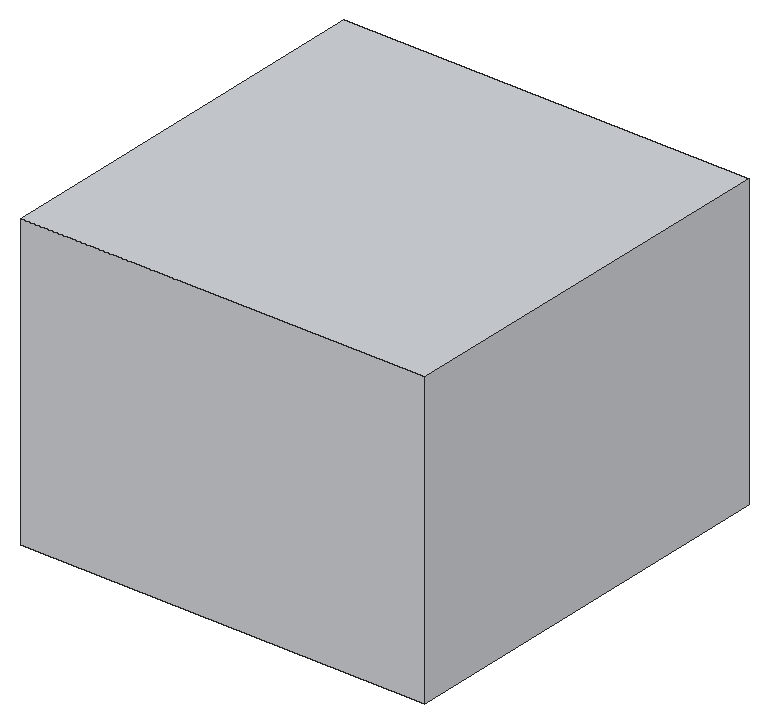
Revit family "85277b81dca94fd19039aff2f2f7aab4", category Nurse Call Devices, host Face, Revit 2021
Family settings
  Host = Face
  Maintain Annotation Orientation = Yes
  Round Connector Dimension = Use Diameter
  Part Type = Normal
  OmniClass Number = 23.85.30.24.14
  OmniClass Title = Nurse Call Systems
  Seek Item ID = Nurse Call Zone Light-0000-USA-ENU
  Cut with Voids When Loaded = No
  Shared = No
  Room Calculation Point = No
Parameters (values of type "Standard")
  Label = "Z"
  Default Elevation = 4' - 0"
  Width = 0' - 4 9/16"
  Material = none
  Length = 0' - 4 9/16"
  Height = 0' - 3 77/256"
Reference planes (in)
  plane 1 "Center (Front/Back)": y = 0
  plane 2: z = 0
  plane 3 "Center (Left/Right)": x = 0
  plane 4: y = -4.5625
  plane 5: x = -2.28125
  plane 6: x = 2.28125
  plane 7: z = 3.30078
Forms (in)
  Extrusion 1, solid, material <- "Material"
    sketch origin (0, 0, 0) x (1, 0, 0) y (0, 1, 0)
      loop
        line (-2.28125, 0) -> (-2.28125, -4.5625) -> (2.28125, -4.5625) -> (2.28125, 0) -> (-2.28125, 0)
    from 0 to 3.30078
Lines and regions (in)
  symbolic lines, detail levels fine
    curve 1: line (2.28125, 0, 3.30078) -> (-2.28125, 0, 3.30078)
    curve 2: line (-2.28125, 0, 3.30078) -> (-2.28125, 0, 0)
    curve 3: line (2.28125, 0, 0) -> (2.28125, 0, 3.30078)
    curve 4: line (-2.28125, 0, 0) -> (2.28125, 0, 0)
Dimensions and locks (in)
  equal spacing: plane 5, plane 3 "Center (Left/Right)", plane 6
  "Length": plane 5 to plane 6
  "Width": plane 1 "Center (Front/Back)" to plane 4
  "Height": plane 7 to plane 2
  aligned and locked: plane 2 to host face
  aligned and locked: level to host face
  aligned and locked: plane 5 to Extrusion 1 sketch curve
  aligned and locked: plane 1 "Center (Front/Back)" to Extrusion 1 sketch curve
  aligned and locked: plane 4 to Extrusion 1 sketch curve
  aligned and locked: Extrusion 1 sketch curve to plane 6
  aligned and locked: Extrusion 1 to plane 2
  aligned and locked: plane 1 "Center (Front/Back)" to nested 1
  aligned and locked: plane 3 "Center (Left/Right)" to nested 1
  aligned and locked: plane 7 to Extrusion 1
  aligned and locked: curve 1 to Extrusion 1
  aligned and locked: curve 2 to Extrusion 1
  aligned and locked: curve 3 to Extrusion 1
  aligned and locked: curve 4 to Extrusion 1
Automatic sketch dimensions
  host sketch curve to host sketch curve = 8' - 0"  (x2)
Nested families (in)
  nested 1: "Nurse Call Zone Light Annotation" at (0, 0, 0), type "Nurse Call Zone Light Annotation", detail levels coarse+medium
Connectors (in)
  electrical at (0, -2.28125, 0)
    settings: on Extrusion 1, index 1, voltage 0 V, apparent load 0 VA, apparent load phase1 0 VA, apparent load phase2 0 VA, apparent load phase3 0 VA, power factor 1, load classification "Other", number of poles 1, system type 12, power factor state 1, is connector primary yes, connector utility no, sub classification motor no, connector description ""
Definition of nested family "Nurse Call Zone Light Annotation"
  Parameters
    Label Annotation = "Z"
  Reference planes (in)
    plane 1: y = 0
    plane 2: x = 0
  Lines and regions (in)
    detail lines
      curve 1: circle (0, 0.0625, 0) r 0.0625 normal (0, 0, 1)
    reference lines
      curve 2: line (-0.52964, 0.0625, 0) -> (0.69896, 0.0625, 0)
  Text (in)
    label "Z" at (-0.03861, 0.05932, 0), shows "Label Annotation"
  Dimensions and locks (in)
    plane 1 to curve 2 = 0' - 0 1/16"
    radius of curve 1 = 0' - 0 1/16"
    aligned and locked: curve 2 to curve 1
    aligned and locked: plane 2 to curve 1
